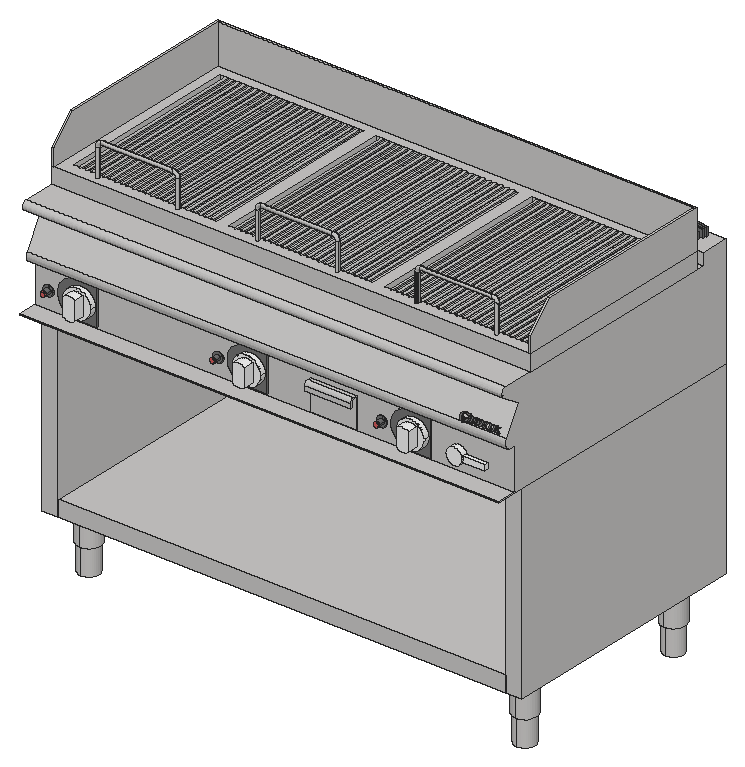
Revit family "QF_GIORIK_GL76GV", category Specialty Equipment, Revit 2014
Parameters (values of type "GL76GV")
  Weight in Pounds = 242.5082
  Waste Water Discharge Temperature [instance] = 0 °C
  URL Cutsheet = "www.giorik.com"
  URL = "www.giorik.com"
  Status [instance] = ""
  Specification by User [instance] = ""
  Specification by Manufacturer = ""
  Show Logo [instance] = yes
  Show Clearance [instance] = yes
  Serial Number = ""
  Seismic Rating = ""
  SMACNA No = ""
  Revision Code [instance] = ""
  Plumbing Remarks [instance] = ""
  Plumbing Connection Type [instance] = ""
  NAFEM Spec ID Number = ""
  Model = "GL76GV"
  Masterspec = ""
  Manufacturer = "GIORIK"
  Item Number [instance] = ""
  Installed By [instance] = ""
  Indirect Waste Size = 1 1/4"
  Indirect Waste Flow = 0.0 L/s
  Indirect Waste Connection Type [instance] = ""
  Indirect Waste Connection Height [instance] = 150 mm
  Identify Quantity as Lot [instance] = no
  Gas Size = 1"
  Gas RI Height [instance] = 0 mm
  Gas KW = 25.5
  Gas Input = 25500 W
  Gas Connection Height [instance] = 150 mm
  Furnished By [instance] = ""
  Foodservice Equipment Identifier [instance] = yes
  Description = "AQUA GRILL"
  Cold Water Temperature Recommended = 0 °C
  Cold Water Size = 1/2"
  Cold Water RI Height [instance] = 150 mm
  Cold Water Minimum Pressure = 20000.0 Pa
  Cold Water Maximum Pressure = 50000.0 Pa
  Cold Water Flow [instance] = 0.0 L/s
  Cold Water Consumption [instance] = ""
  Cold Water Connection Height [instance] = 150 mm
  CSI MasterFormat = ""
  Assembly Code = "E1090320"
Reference planes
  plane 1 "Back": y = 0
  plane 2: z = 0
  plane 3 "Left": x = 0
  plane 4 "Right": x = 1200
  plane 5 "Front": y = -720
  plane 6 "Top": z = 900
Forms (mm)
  Extrusion 1, solid, visible <- "Show Logo"
    sketch origin (986.604, -708.674, 717.684) x (-1, 0, 0) y (0, 0.515038, 0.857167)
      loop
        line (-118.824, 58.358) -> (-127.804, 58.358) -> (-125.523, 56.445) -> (-125.523, 48.027) -> (-127.804, 46.113) -> (-118.824, 46.113) -> (-121.105, 48.027) -> (-121.105, 56.445) -> (-118.824, 58.358)
      loop
        line (-163.721, 58.358) -> (-172.7, 58.358) -> (-170.42, 56.445) -> (-170.42, 48.027) -> (-172.7, 46.113) -> (-163.721, 46.113) -> (-166.001, 48.027) -> (-166.001, 56.445) -> (-163.721, 58.358)
      loop
        line (-174.332, 58.358) -> (-183.312, 58.358) -> (-181.031, 56.445) -> (-181.031, 52.435) -> (-186.419, 56.955) -> (-184.416, 58.358) -> (-191.268, 58.358) -> (-188.01, 56.839) -> (-185.455, 54.283) -> (-190.846, 47.858) -> (-193.396, 46.93) -> (-193.396, 46.113) -> (-184.416, 46.113) -> (-185.437, 47.571) -> (-182.443, 51.552) -> (-181.031, 50.894) -> (-181.031, 48.027) -> (-183.312, 46.113) -> (-174.332, 46.113) -> (-176.613, 48.027) -> (-176.613, 56.445) -> (-174.332, 58.358)
      loop
        line (-115.429, 62.063) -> (-115.429, 54.198)
        arc (-115.429, 54.198) -> (-111.618, 57.803) -> (-106.847, 59.986) r 16.039
        arc (-106.847, 59.986) -> (-103.314, 59.837) -> (-100.512, 57.68) r 5.851
        arc (-100.512, 57.68) -> (-98.815, 52.267) -> (-100.512, 46.853) r 9.479
        arc (-100.512, 46.853) -> (-102.406, 44.986) -> (-104.846, 43.93) r 7.236
        arc (-104.846, 43.93) -> (-107.728, 44.111) -> (-110.052, 45.825) r 5.11
        line (-110.052, 45.825) -> (-110.052, 52.001) -> (-116.141, 52.001) -> (-116.141, 45.503) -> (-117.893, 43.751) -> (-114.094, 44.769)
        arc (-114.094, 44.769) -> (-112.56, 44.947) -> (-111.129, 44.366) r 3.115
        arc (-111.129, 44.366) -> (-104.216, 42.091) -> (-97.303, 44.366) r 11.641
        arc (-97.303, 44.366) -> (-93.396, 52.107) -> (-97.303, 59.849) r 9.622
        arc (-97.303, 59.849) -> (-104.369, 62.174) -> (-111.435, 59.849) r 11.898
        line (-111.435, 59.849) -> (-115.429, 62.063)
      loop
        arc (-129.234, 56.068) -> (-135.893, 58.628) -> (-142.552, 56.068) r 9.941
        arc (-142.552, 56.068) -> (-144.234, 52.286) -> (-142.552, 48.505) r 5.093
        arc (-142.552, 48.505) -> (-135.893, 45.945) -> (-129.234, 48.505) r 9.941
        arc (-129.234, 48.505) -> (-127.552, 52.286) -> (-129.234, 56.068) r 5.093
      loop
        arc (-132.628, 54.403) -> (-135.893, 57.668) -> (-139.158, 54.403) r 3.265
        line (-139.158, 54.403) -> (-139.158, 50.169)
        arc (-139.158, 50.169) -> (-135.893, 46.904) -> (-132.628, 50.169) r 3.265
        line (-132.628, 50.169) -> (-132.628, 54.403)
      loop
        arc (-156.363, 58.365) -> (-159.647, 55.081) -> (-156.363, 51.796) r 3.285
        line (-156.363, 51.796) -> (-159.529, 47.306) -> (-162.087, 46.113) -> (-155.847, 46.113) -> (-153.529, 51.083) -> (-150.637, 51.083) -> (-150.637, 47.784) -> (-153.022, 46.113) -> (-144.011, 46.113) -> (-146.094, 47.68) -> (-146.094, 56.493) -> (-144.229, 58.365) -> (-156.363, 58.365)
      loop
        line (-150.637, 57.512) -> (-153.637, 57.512)
        arc (-153.637, 57.512) -> (-156.237, 54.912) -> (-153.637, 52.312) r 2.6
        line (-153.637, 52.312) -> (-150.637, 52.312) -> (-150.637, 57.512)
      loop
        line (-108.924, 52.001) -> (-104.936, 49.005) -> (-100.948, 52.001) -> (-108.924, 52.001)
    from 1.5 to -0.5
  Extrusion 2, solid
    sketch origin (-16, 1025.81, 0) x (1, 0, 0) y (0, 1, 0)
      loop
        line (25, -1086.81) -> (25, -1156.81) -> (115, -1156.81) -> (115, -1086.81) -> (25, -1086.81)
    from 148 to 150
  Extrusion 3, solid
    sketch origin (-4, 0, 130) x (1, 0, 0) y (0, 1, 0)
      loop
        circle (54, -385) r 12.5
    from 0 to 20
  Extrusion 4, solid
    sketch origin (0, 1000, -20) x (0, 1, 0) y (0, 0, 1)
      loop
        line (-1000, 919.988) -> (-1070, 919.988) -> (-1070, 889.988) -> (-1688.806, 889.988)
        arc (-1688.806, 889.988) -> (-1699.151, 883.075) -> (-1696.724, 870.873) r 11.197
        line (-1696.724, 870.873) -> (-1647.575, 836.458) -> (-1686.203, 772.171)
        arc (-1686.203, 772.171) -> (-1687.435, 755.768) -> (-1675, 745) r 18.302
        line (-1675, 745) -> (-1660, 745) -> (-1660, 640) -> (-1000, 640) -> (-1000, 919.988)
    from 0 to 1200
  Extrusion 5, solid
    sketch origin (-16, 560.81, 0) x (1, 0, 0) y (0, 1, 0)
      loop
        line (25, -1086.81) -> (25, -1156.81) -> (115, -1156.81) -> (115, -1086.81) -> (25, -1086.81)
    from 148 to 150
  Revolve 6, solid
    sketch origin (54, 560.81, 0) x (0, 1, 0) y (0, 0, 1)
      loop
        line (-1092.56, 66) -> (-1092.56, 148) -> (-1121.81, 148) -> (-1121.81, 0) -> (-1096.81, 0) -> (-1096.81, 66) -> (-1092.56, 66)
      axis (-1121.81, 0) -> (-1121.81, 148)
    angle from 0 to 360
  Revolve 7, solid
    sketch origin (54, 1025.81, 0) x (0, 1, 0) y (0, 0, 1)
      loop
        line (-1092.56, 66) -> (-1092.56, 148) -> (-1121.81, 148) -> (-1121.81, 0) -> (-1096.81, 0) -> (-1096.81, 66) -> (-1092.56, 66)
      axis (-1121.81, 0) -> (-1121.81, 148)
    angle from 0 to 360
  Extrusion 8, solid
    sketch origin (1216, 560.81, 0) x (-1, 0, 0) y (0, -1, 0)
      loop
        line (25, 1086.81) -> (115, 1086.81) -> (115, 1156.81) -> (25, 1156.81) -> (25, 1086.81)
    from 148 to 150
  Revolve 9, solid
    sketch origin (1146, 560.81, 0) x (0, 1, 0) y (0, 0, -1)
      loop
        line (-1092.56, -66) -> (-1096.81, -66) -> (-1096.81, 0) -> (-1121.81, 0) -> (-1121.81, -148) -> (-1092.56, -148) -> (-1092.56, -66)
      axis (-1121.81, 0) -> (-1121.81, -148)
    angle from 0 to 360
  Extrusion 10, solid
    sketch origin (1216, -1217.81, 0) x (-1, 0, 0) y (0, -1, 0)
      loop
        line (25, -1086.81) -> (25, -1156.81) -> (115, -1156.81) -> (115, -1086.81) -> (25, -1086.81)
    from 148 to 150
  Revolve 11, solid
    sketch origin (1146, -1217.81, 0) x (0, -1, 0) y (0, 0, 1)
      loop
        line (-1092.56, 66) -> (-1092.56, 148) -> (-1121.81, 148) -> (-1121.81, 0) -> (-1096.81, 0) -> (-1096.81, 66) -> (-1092.56, 66)
      axis (-1121.81, 0) -> (-1121.81, 148)
    angle from 0 to 360
  Extrusion 12, solid
    sketch origin (-308.221, -612, -51.25) x (1, 0, 0) y (0, 0, 1)
      loop
        line (463.221, 676.25) -> (463.221, 766.25) -> (409.698, 766.25)
        arc (409.698, 766.25) -> (364.698, 721.25) -> (409.698, 676.25) r 45
        line (409.698, 676.25) -> (463.221, 676.25)
    from 48 to 50
  Extrusion 13, solid
    sketch origin (466.331, -660.641, -51.634) x (-1, 0, 0) y (0, -0.000888, -1)
      loop
        circle (351.331, -721.346) r 35
    from 0 to 15
  Extrusion 14, solid
    sketch origin (466.331, -660.641, -51.634) x (-1, 0, 0) y (0, -0.000888, -1)
      loop
        arc (336.331, -743.846) -> (351.331, -748.846) -> (366.331, -743.846) r 25
        line (366.331, -743.846) -> (366.331, -698.846)
        arc (366.331, -698.846) -> (351.331, -693.846) -> (336.331, -698.846) r 25
        line (336.331, -698.846) -> (336.331, -743.846)
    from 15 to 40
  Extrusion 15, solid
    sketch origin (-94, 0, -10.001) x (1, 0, 0) y (0, 0, 1)
      loop
        line (135, 909.989) -> (453, 909.989) -> (453, 925.527) -> (347.056, 931.749) -> (240.944, 931.749) -> (135, 925.527) -> (135, 909.989)
    from 32 to 35
  Extrusion 16, solid
    sketch origin (-92, 10, -10.001) x (1, 0, 0) y (0, 0, 1)
      loop
        line (454, 909.989) -> (454, 928.527) -> (346.162, 939.193) -> (237.838, 939.193) -> (130, 928.527) -> (130, 909.989) -> (454, 909.989)
    from 32 to 35
  Extrusion 17, solid
    sketch origin (-90, 20, -10.001) x (1, 0, 0) y (0, 0, 1)
      loop
        line (455, 909.989) -> (455, 930.527) -> (345.396, 947.413) -> (234.604, 947.413) -> (125, 930.527) -> (125, 909.989) -> (455, 909.989)
    from 32 to 35
  Extrusion 18, solid
    sketch origin (0, 0, 0) x (0, 1, 0) y (0, 0, 1)
      loop
        line (-90, 909.988) -> (-90, 1009.988) -> (-551.877, 1009.988) -> (-610, 951.864) -> (-610, 909.988) -> (-90, 909.988)
    from 0 to 5
  Extrusion 19, solid
    sketch origin (0, -90, 0) x (1, 0, 0) y (0, 0, 1)
      loop
        line (5, 1009.988) -> (5, 909.988) -> (1195, 909.988) -> (1195, 1009.988) -> (5, 1009.988)
    from 0 to 5
  Sweep 20, solid
    path origin (32.128, -587.463, 1856.207) x (0, 0, 1) y (-1, 0, 0)
      loop
        line (-946.207, -65.372) -> (-876.207, -65.372)
        arc (-876.207, -65.372) -> (-869.136, -68.301) -> (-866.207, -75.372) r 10
        line (-866.207, -75.372) -> (-866.207, -255.372)
        arc (-866.207, -255.372) -> (-869.136, -262.443) -> (-876.207, -265.372) r 10
        line (-876.207, -265.372) -> (-946.207, -265.372)
    profile origin (97.5, -587.463, 945) x (-1, 0, 0) y (0, -1, 0)
      loop
        circle (0, 0) r 4
  Extrusion 21, solid
    sketch origin (1411.331, -660, -61.247) x (-1, 0, 0) y (0, 0, -1)
      loop
        circle (351.331, -721.221) r 20
    from 0 to 15
  Extrusion 22, solid
    sketch origin (780, -664, -62.044) x (1, 0, 0) y (0, 0, 1)
      loop
        line (275.18, 729.518) -> (275.18, 714.518) -> (355.18, 714.518) -> (355.18, 729.518) -> (275.18, 729.518)
    from 0 to 10
  Extrusion 23, solid
    sketch origin (552.347, -700, 59.9) x (0, 1, 0) y (0, 0, 1)
      loop
        line (40, 640.1) -> (30, 640.1)
        arc (30, 640.1) -> (22.929, 637.171) -> (20, 630.1) r 10
        line (20, 630.1) -> (20, 620.1) -> (22, 620.1) -> (22, 630.1)
        arc (22, 630.1) -> (24.343, 635.757) -> (30, 638.1) r 8
        line (30, 638.1) -> (38, 638.1) -> (38, 565.1) -> (40, 565.1) -> (40, 640.1)
    from 137.5 to 252.5
  Extrusion 24, solid
    sketch origin (422, 0, 100) x (0, 1, 0) y (-1, 0, 0)
      loop
        circle (-185, -308) r 16
    from 30 to 50
  Extrusion 25, solid
    sketch origin (831.75, -293, 100) x (0, 1, 0) y (-1, 0, 0)
      loop
        circle (-185, -308) r 6.5
    from 30 to 50
  Extrusion 26, solid
    sketch origin (0, 0, 900) x (0, 1, 0) y (-1, 0, 0)
      loop
        line (-90, 0) -> (-610, 0) -> (-610, -1200) -> (-90, -1200) -> (-90, 0)
      loop
        line (-120, -30) -> (-580, -30) -> (-580, -390) -> (-120, -390) -> (-120, -30)
      loop
        line (-120, -420) -> (-580, -420) -> (-580, -780) -> (-120, -780) -> (-120, -420)
      loop
        line (-120, -810) -> (-580, -810) -> (-580, -1170) -> (-120, -1170) -> (-120, -810)
    from -30.012 to 9.988
  Extrusion 27, solid
    sketch origin (-5, 0, 0) x (1, 0, 0) y (0, 0, 1)
      loop
        circle (50, 906.988) r 3
    from 120 to 580
  Extrusion 28, solid
    sketch origin (10, 0, 0) x (1, 0, 0) y (0, 0, 1)
      loop
        circle (50, 906.988) r 3
    from 120 to 580
  Extrusion 29, solid
    sketch origin (25, 0, 0) x (1, 0, 0) y (0, 0, 1)
      loop
        circle (50, 906.988) r 3
    from 120 to 580
  Extrusion 30, solid
    sketch origin (40, 0, 0) x (1, 0, 0) y (0, 0, 1)
      loop
        circle (50, 906.988) r 3
    from 120 to 580
  Extrusion 31, solid
    sketch origin (55, 0, 0) x (1, 0, 0) y (0, 0, 1)
      loop
        circle (50, 906.988) r 3
    from 120 to 580
  Extrusion 32, solid
    sketch origin (70, 0, 0) x (1, 0, 0) y (0, 0, 1)
      loop
        circle (50, 906.988) r 3
    from 120 to 580
  Extrusion 33, solid
    sketch origin (85, 0, 0) x (1, 0, 0) y (0, 0, 1)
      loop
        circle (50, 906.988) r 3
    from 120 to 580
  Extrusion 34, solid
    sketch origin (100, 0, 0) x (1, 0, 0) y (0, 0, 1)
      loop
        circle (50, 906.988) r 3
    from 120 to 580
  Extrusion 35, solid
    sketch origin (115, 0, 0) x (1, 0, 0) y (0, 0, 1)
      loop
        circle (50, 906.988) r 3
    from 120 to 580
  Extrusion 36, solid
    sketch origin (130, 0, 0) x (1, 0, 0) y (0, 0, 1)
      loop
        circle (50, 906.988) r 3
    from 120 to 580
  Extrusion 37, solid
    sketch origin (145, 0, 0) x (1, 0, 0) y (0, 0, 1)
      loop
        circle (50, 906.988) r 3
    from 120 to 580
  Extrusion 38, solid
    sketch origin (160, 0, 0) x (1, 0, 0) y (0, 0, 1)
      loop
        circle (50, 906.988) r 3
    from 120 to 580
  Extrusion 39, solid
    sketch origin (175, 0, 0) x (1, 0, 0) y (0, 0, 1)
      loop
        circle (50, 906.988) r 3
    from 120 to 580
  Extrusion 40, solid
    sketch origin (190, 0, 0) x (1, 0, 0) y (0, 0, 1)
      loop
        circle (50, 906.988) r 3
    from 120 to 580
  Extrusion 41, solid
    sketch origin (205, 0, 0) x (1, 0, 0) y (0, 0, 1)
      loop
        circle (50, 906.988) r 3
    from 120 to 580
  Extrusion 42, solid
    sketch origin (220, 0, 0) x (1, 0, 0) y (0, 0, 1)
      loop
        circle (50, 906.988) r 3
    from 120 to 580
  Extrusion 43, solid
    sketch origin (235, 0, 0) x (1, 0, 0) y (0, 0, 1)
      loop
        circle (50, 906.988) r 3
    from 120 to 580
  Extrusion 44, solid
    sketch origin (250, 0, 0) x (1, 0, 0) y (0, 0, 1)
      loop
        circle (50, 906.988) r 3
    from 120 to 580
  Extrusion 45, solid
    sketch origin (265, 0, 0) x (1, 0, 0) y (0, 0, 1)
      loop
        circle (50, 906.988) r 3
    from 120 to 580
  Extrusion 46, solid
    sketch origin (280, 0, 0) x (1, 0, 0) y (0, 0, 1)
      loop
        circle (50, 906.988) r 3
    from 120 to 580
  Extrusion 47, solid
    sketch origin (295, 0, 0) x (1, 0, 0) y (0, 0, 1)
      loop
        circle (50, 906.988) r 3
    from 120 to 580
  Extrusion 48, solid
    sketch origin (0, -660, 0) x (1, 0, 0) y (0, 0, 1)
      loop
        line (0, 620) -> (1200, 620) -> (1200, 622) -> (0, 622) -> (0, 620)
    from 0 to 50
  Extrusion 49, solid
    sketch origin (-6.142, -635.246, -47.152) x (1, 0, 0) y (0, 0.000339, 1)
      loop
        circle (38.702, 711.666) r 12.5
    from 25 to 27
  Extrusion 50, solid
    sketch origin (-732.35, -662.248, -53.566) x (1, 0, 0) y (0, 0.000339, 1)
      loop
        circle (764.91, 718.089) r 6
    from 0 to 15
  Extrusion 51, solid
    sketch origin (-732.35, -663.41, -53.565) x (1, 0, 0) y (0, 0.000339, 1)
      loop
        circle (764.91, 718.089) r 6
    from 13.838 to 15.838
  Extrusion 52, solid
    sketch origin (1195, 0, 0) x (0, 1, 0) y (0, 0, 1)
      loop
        line (-90, 909.988) -> (-90, 1009.988) -> (-551.877, 1009.988) -> (-610, 951.864) -> (-610, 909.988) -> (-90, 909.988)
    from 0 to 5
  Extrusion 53, solid
    sketch origin (306, 0, -10.001) x (1, 0, 0) y (0, 0, 1)
      loop
        line (135, 909.989) -> (453, 909.989) -> (453, 925.527) -> (347.056, 931.749) -> (240.944, 931.749) -> (135, 925.527) -> (135, 909.989)
    from 32 to 35
  Extrusion 54, solid
    sketch origin (308, 10, -10.001) x (1, 0, 0) y (0, 0, 1)
      loop
        line (454, 909.989) -> (454, 928.527) -> (346.162, 939.193) -> (237.838, 939.193) -> (130, 928.527) -> (130, 909.989) -> (454, 909.989)
    from 32 to 35
  Extrusion 55, solid
    sketch origin (310, 20, -10.001) x (1, 0, 0) y (0, 0, 1)
      loop
        line (455, 909.989) -> (455, 930.527) -> (345.396, 947.413) -> (234.604, 947.413) -> (125, 930.527) -> (125, 909.989) -> (455, 909.989)
    from 32 to 35
  Sweep 56, solid
    path origin (432.128, -587.463, 1856.207) x (0, 0, 1) y (-1, 0, 0)
      loop
        line (-946.207, -65.372) -> (-876.207, -65.372)
        arc (-876.207, -65.372) -> (-869.136, -68.301) -> (-866.207, -75.372) r 10
        line (-866.207, -75.372) -> (-866.207, -255.372)
        arc (-866.207, -255.372) -> (-869.136, -262.443) -> (-876.207, -265.372) r 10
        line (-876.207, -265.372) -> (-946.207, -265.372)
    profile origin (497.5, -587.463, 945) x (-1, 0, 0) y (0, -1, 0)
      loop
        circle (0, 0) r 4
  Extrusion 57, solid
    sketch origin (310, 0, 0) x (1, 0, 0) y (0, 0, 1)
      loop
        circle (50, 906.988) r 3
    from 120 to 580
  Extrusion 58, solid
    sketch origin (306, 0, -10.001) x (1, 0, 0) y (0, 0, 1)
      loop
        line (135, 909.989) -> (453, 909.989) -> (453, 925.527) -> (347.056, 931.749) -> (240.944, 931.749) -> (135, 925.527) -> (135, 909.989)
    from 32 to 35
  Extrusion 59, solid
    sketch origin (308, 10, -10.001) x (1, 0, 0) y (0, 0, 1)
      loop
        line (454, 909.989) -> (454, 928.527) -> (346.162, 939.193) -> (237.838, 939.193) -> (130, 928.527) -> (130, 909.989) -> (454, 909.989)
    from 32 to 35
  Extrusion 60, solid
    sketch origin (310, 20, -10.001) x (1, 0, 0) y (0, 0, 1)
      loop
        line (455, 909.989) -> (455, 930.527) -> (345.396, 947.413) -> (234.604, 947.413) -> (125, 930.527) -> (125, 909.989) -> (455, 909.989)
    from 32 to 35
  Extrusion 61, solid
    sketch origin (116.779, -612, -51.25) x (1, 0, 0) y (0, 0, 1)
      loop
        line (463.221, 676.25) -> (463.221, 766.25) -> (409.698, 766.25)
        arc (409.698, 766.25) -> (364.698, 721.25) -> (409.698, 676.25) r 45
        line (409.698, 676.25) -> (463.221, 676.25)
    from 48 to 50
  Extrusion 62, solid
    sketch origin (891.331, -660.641, -51.634) x (-1, 0, 0) y (0, -0.000888, -1)
      loop
        circle (351.331, -721.346) r 35
    from 0 to 15
  Extrusion 63, solid
    sketch origin (891.331, -660.641, -51.634) x (-1, 0, 0) y (0, -0.000888, -1)
      loop
        arc (336.331, -743.846) -> (351.331, -748.846) -> (366.331, -743.846) r 25
        line (366.331, -743.846) -> (366.331, -698.846)
        arc (366.331, -698.846) -> (351.331, -693.846) -> (336.331, -698.846) r 25
        line (336.331, -698.846) -> (336.331, -743.846)
    from 15 to 40
  Extrusion 64, solid
    sketch origin (418.858, -635.246, -47.152) x (1, 0, 0) y (0, 0.000339, 1)
      loop
        circle (38.702, 711.666) r 12.5
    from 25 to 27
  Extrusion 65, solid
    sketch origin (-307.35, -662.248, -53.566) x (1, 0, 0) y (0, 0.000339, 1)
      loop
        circle (764.91, 718.089) r 6
    from 0 to 15
  Extrusion 66, solid
    sketch origin (-307.35, -663.41, -53.565) x (1, 0, 0) y (0, 0.000339, 1)
      loop
        circle (764.91, 718.089) r 6
    from 13.838 to 15.838
  Extrusion 67, solid
    sketch origin (526.779, -612, -51.25) x (1, 0, 0) y (0, 0, 1)
      loop
        line (463.221, 676.25) -> (463.221, 766.25) -> (409.698, 766.25)
        arc (409.698, 766.25) -> (364.698, 721.25) -> (409.698, 676.25) r 45
        line (409.698, 676.25) -> (463.221, 676.25)
    from 48 to 50
  Extrusion 68, solid
    sketch origin (1301.331, -660.641, -51.634) x (-1, 0, 0) y (0, -0.000888, -1)
      loop
        circle (351.331, -721.346) r 35
    from 0 to 15
  Extrusion 69, solid
    sketch origin (1301.331, -660.641, -51.634) x (-1, 0, 0) y (0, -0.000888, -1)
      loop
        arc (336.331, -743.846) -> (351.331, -748.846) -> (366.331, -743.846) r 25
        line (366.331, -743.846) -> (366.331, -698.846)
        arc (366.331, -698.846) -> (351.331, -693.846) -> (336.331, -698.846) r 25
        line (336.331, -698.846) -> (336.331, -743.846)
    from 15 to 40
  Extrusion 70, solid
    sketch origin (828.858, -635.246, -47.152) x (1, 0, 0) y (0, 0.000339, 1)
      loop
        circle (38.702, 711.666) r 12.5
    from 25 to 27
  Extrusion 71, solid
    sketch origin (102.65, -662.248, -53.566) x (1, 0, 0) y (0, 0.000339, 1)
      loop
        circle (764.91, 718.089) r 6
    from 0 to 15
  Extrusion 72, solid
    sketch origin (102.65, -663.41, -53.565) x (1, 0, 0) y (0, 0.000339, 1)
      loop
        circle (764.91, 718.089) r 6
    from 13.838 to 15.838
  Extrusion 73, solid
    sketch origin (706, 0, -10.001) x (1, 0, 0) y (0, 0, 1)
      loop
        line (135, 909.989) -> (453, 909.989) -> (453, 925.527) -> (347.056, 931.749) -> (240.944, 931.749) -> (135, 925.527) -> (135, 909.989)
    from 32 to 35
  Extrusion 74, solid
    sketch origin (708, 10, -10.001) x (1, 0, 0) y (0, 0, 1)
      loop
        line (454, 909.989) -> (454, 928.527) -> (346.162, 939.193) -> (237.838, 939.193) -> (130, 928.527) -> (130, 909.989) -> (454, 909.989)
    from 32 to 35
  Extrusion 75, solid
    sketch origin (710, 20, -10.001) x (1, 0, 0) y (0, 0, 1)
      loop
        line (455, 909.989) -> (455, 930.527) -> (345.396, 947.413) -> (234.604, 947.413) -> (125, 930.527) -> (125, 909.989) -> (455, 909.989)
    from 32 to 35
  Sweep 76, solid
    path origin (832.128, -587.463, 1856.207) x (0, 0, 1) y (-1, 0, 0)
      loop
        line (-946.207, -65.372) -> (-876.207, -65.372)
        arc (-876.207, -65.372) -> (-869.136, -68.301) -> (-866.207, -75.372) r 10
        line (-866.207, -75.372) -> (-866.207, -255.372)
        arc (-866.207, -255.372) -> (-869.136, -262.443) -> (-876.207, -265.372) r 10
        line (-876.207, -265.372) -> (-946.207, -265.372)
    profile origin (897.5, -587.463, 945) x (-1, 0, 0) y (0, -1, 0)
      loop
        circle (0, 0) r 4
  Extrusion 77, solid
    sketch origin (706, 0, -10.001) x (1, 0, 0) y (0, 0, 1)
      loop
        line (135, 909.989) -> (453, 909.989) -> (453, 925.527) -> (347.056, 931.749) -> (240.944, 931.749) -> (135, 925.527) -> (135, 909.989)
    from 32 to 35
  Extrusion 78, solid
    sketch origin (708, 10, -10.001) x (1, 0, 0) y (0, 0, 1)
      loop
        line (454, 909.989) -> (454, 928.527) -> (346.162, 939.193) -> (237.838, 939.193) -> (130, 928.527) -> (130, 909.989) -> (454, 909.989)
    from 32 to 35
  Extrusion 79, solid
    sketch origin (710, 20, -10.001) x (1, 0, 0) y (0, 0, 1)
      loop
        line (455, 909.989) -> (455, 930.527) -> (345.396, 947.413) -> (234.604, 947.413) -> (125, 930.527) -> (125, 909.989) -> (455, 909.989)
    from 32 to 35
  Extrusion 80, solid
    sketch origin (706, 0, -10.001) x (1, 0, 0) y (0, 0, 1)
      loop
        line (135, 909.989) -> (453, 909.989) -> (453, 925.527) -> (347.056, 931.749) -> (240.944, 931.749) -> (135, 925.527) -> (135, 909.989)
    from 32 to 35
  Extrusion 81, solid
    sketch origin (708, 10, -10.001) x (1, 0, 0) y (0, 0, 1)
      loop
        line (454, 909.989) -> (454, 928.527) -> (346.162, 939.193) -> (237.838, 939.193) -> (130, 928.527) -> (130, 909.989) -> (454, 909.989)
    from 32 to 35
  Extrusion 82, solid
    sketch origin (710, 20, -10.001) x (1, 0, 0) y (0, 0, 1)
      loop
        line (455, 909.989) -> (455, 930.527) -> (345.396, 947.413) -> (234.604, 947.413) -> (125, 930.527) -> (125, 909.989) -> (455, 909.989)
    from 32 to 35
  Extrusion 83, solid
    sketch origin (706, 0, -10.001) x (1, 0, 0) y (0, 0, 1)
      loop
        line (135, 909.989) -> (453, 909.989) -> (453, 925.527) -> (347.056, 931.749) -> (240.944, 931.749) -> (135, 925.527) -> (135, 909.989)
    from 32 to 35
  Extrusion 84, solid
    sketch origin (708, 10, -10.001) x (1, 0, 0) y (0, 0, 1)
      loop
        line (454, 909.989) -> (454, 928.527) -> (346.162, 939.193) -> (237.838, 939.193) -> (130, 928.527) -> (130, 909.989) -> (454, 909.989)
    from 32 to 35
  Extrusion 85, solid
    sketch origin (710, 20, -10.001) x (1, 0, 0) y (0, 0, 1)
      loop
        line (455, 909.989) -> (455, 930.527) -> (345.396, 947.413) -> (234.604, 947.413) -> (125, 930.527) -> (125, 909.989) -> (455, 909.989)
    from 32 to 35
  Extrusion 86, solid
    sketch origin (325, 0, 0) x (1, 0, 0) y (0, 0, 1)
      loop
        circle (50, 906.988) r 3
    from 120 to 580
  Extrusion 87, solid
    sketch origin (385, 0, 0) x (1, 0, 0) y (0, 0, 1)
      loop
        circle (50, 906.988) r 3
    from 120 to 580
  Extrusion 88, solid
    sketch origin (400, 0, 0) x (1, 0, 0) y (0, 0, 1)
      loop
        circle (50, 906.988) r 3
    from 120 to 580
  Extrusion 89, solid
    sketch origin (415, 0, 0) x (1, 0, 0) y (0, 0, 1)
      loop
        circle (50, 906.988) r 3
    from 120 to 580
  Extrusion 90, solid
    sketch origin (430, 0, 0) x (1, 0, 0) y (0, 0, 1)
      loop
        circle (50, 906.988) r 3
    from 120 to 580
  Extrusion 91, solid
    sketch origin (445, 0, 0) x (1, 0, 0) y (0, 0, 1)
      loop
        circle (50, 906.988) r 3
    from 120 to 580
  Extrusion 92, solid
    sketch origin (460, 0, 0) x (1, 0, 0) y (0, 0, 1)
      loop
        circle (50, 906.988) r 3
    from 120 to 580
  Extrusion 93, solid
    sketch origin (475, 0, 0) x (1, 0, 0) y (0, 0, 1)
      loop
        circle (50, 906.988) r 3
    from 120 to 580
  Extrusion 94, solid
    sketch origin (490, 0, 0) x (1, 0, 0) y (0, 0, 1)
      loop
        circle (50, 906.988) r 3
    from 120 to 580
  Extrusion 95, solid
    sketch origin (505, 0, 0) x (1, 0, 0) y (0, 0, 1)
      loop
        circle (50, 906.988) r 3
    from 120 to 580
  Extrusion 96, solid
    sketch origin (520, 0, 0) x (1, 0, 0) y (0, 0, 1)
      loop
        circle (50, 906.988) r 3
    from 120 to 580
  Extrusion 97, solid
    sketch origin (535, 0, 0) x (1, 0, 0) y (0, 0, 1)
      loop
        circle (50, 906.988) r 3
    from 120 to 580
  Extrusion 98, solid
    sketch origin (550, 0, 0) x (1, 0, 0) y (0, 0, 1)
      loop
        circle (50, 906.988) r 3
    from 120 to 580
  Extrusion 99, solid
    sketch origin (565, 0, 0) x (1, 0, 0) y (0, 0, 1)
      loop
        circle (50, 906.988) r 3
    from 120 to 580
  Extrusion 100, solid
    sketch origin (580, 0, 0) x (1, 0, 0) y (0, 0, 1)
      loop
        circle (50, 906.988) r 3
    from 120 to 580
  Extrusion 101, solid
    sketch origin (595, 0, 0) x (1, 0, 0) y (0, 0, 1)
      loop
        circle (50, 906.988) r 3
    from 120 to 580
  Extrusion 102, solid
    sketch origin (610, 0, 0) x (1, 0, 0) y (0, 0, 1)
      loop
        circle (50, 906.988) r 3
    from 120 to 580
  Extrusion 103, solid
    sketch origin (625, 0, 0) x (1, 0, 0) y (0, 0, 1)
      loop
        circle (50, 906.988) r 3
    from 120 to 580
  Extrusion 104, solid
    sketch origin (640, 0, 0) x (1, 0, 0) y (0, 0, 1)
      loop
        circle (50, 906.988) r 3
    from 120 to 580
  Extrusion 105, solid
    sketch origin (655, 0, 0) x (1, 0, 0) y (0, 0, 1)
      loop
        circle (50, 906.988) r 3
    from 120 to 580
  Extrusion 106, solid
    sketch origin (670, 0, 0) x (1, 0, 0) y (0, 0, 1)
      loop
        circle (50, 906.988) r 3
    from 120 to 580
  Extrusion 107, solid
    sketch origin (685, 0, 0) x (1, 0, 0) y (0, 0, 1)
      loop
        circle (50, 906.988) r 3
    from 120 to 580
  Extrusion 108, solid
    sketch origin (700, 0, 0) x (1, 0, 0) y (0, 0, 1)
      loop
        circle (50, 906.988) r 3
    from 120 to 580
  Extrusion 109, solid
    sketch origin (715, 0, 0) x (1, 0, 0) y (0, 0, 1)
      loop
        circle (50, 906.988) r 3
    from 120 to 580
  Extrusion 110, solid
    sketch origin (775, 0, 0) x (1, 0, 0) y (0, 0, 1)
      loop
        circle (50, 906.988) r 3
    from 120 to 580
  Extrusion 111, solid
    sketch origin (790, 0, 0) x (1, 0, 0) y (0, 0, 1)
      loop
        circle (50, 906.988) r 3
    from 120 to 580
  Extrusion 112, solid
    sketch origin (805, 0, 0) x (1, 0, 0) y (0, 0, 1)
      loop
        circle (50, 906.988) r 3
    from 120 to 580
  Extrusion 113, solid
    sketch origin (820, 0, 0) x (1, 0, 0) y (0, 0, 1)
      loop
        circle (50, 906.988) r 3
    from 120 to 580
  Extrusion 114, solid
    sketch origin (835, 0, 0) x (1, 0, 0) y (0, 0, 1)
      loop
        circle (50, 906.988) r 3
    from 120 to 580
  Extrusion 115, solid
    sketch origin (850, 0, 0) x (1, 0, 0) y (0, 0, 1)
      loop
        circle (50, 906.988) r 3
    from 120 to 580
  Extrusion 116, solid
    sketch origin (865, 0, 0) x (1, 0, 0) y (0, 0, 1)
      loop
        circle (50, 906.988) r 3
    from 120 to 580
  Extrusion 117, solid
    sketch origin (880, 0, 0) x (1, 0, 0) y (0, 0, 1)
      loop
        circle (50, 906.988) r 3
    from 120 to 580
  Extrusion 118, solid
    sketch origin (895, 0, 0) x (1, 0, 0) y (0, 0, 1)
      loop
        circle (50, 906.988) r 3
    from 120 to 580
  Extrusion 119, solid
    sketch origin (910, 0, 0) x (1, 0, 0) y (0, 0, 1)
      loop
        circle (50, 906.988) r 3
    from 120 to 580
  Extrusion 120, solid
    sketch origin (925, 0, 0) x (1, 0, 0) y (0, 0, 1)
      loop
        circle (50, 906.988) r 3
    from 120 to 580
  Extrusion 121, solid
    sketch origin (940, 0, 0) x (1, 0, 0) y (0, 0, 1)
      loop
        circle (50, 906.988) r 3
    from 120 to 580
  Extrusion 122, solid
    sketch origin (955, 0, 0) x (1, 0, 0) y (0, 0, 1)
      loop
        circle (50, 906.988) r 3
    from 120 to 580
  Extrusion 123, solid
    sketch origin (970, 0, 0) x (1, 0, 0) y (0, 0, 1)
      loop
        circle (50, 906.988) r 3
    from 120 to 580
  Extrusion 124, solid
    sketch origin (985, 0, 0) x (1, 0, 0) y (0, 0, 1)
      loop
        circle (50, 906.988) r 3
    from 120 to 580
  Extrusion 125, solid
    sketch origin (1000, 0, 0) x (1, 0, 0) y (0, 0, 1)
      loop
        circle (50, 906.988) r 3
    from 120 to 580
  Extrusion 126, solid
    sketch origin (1015, 0, 0) x (1, 0, 0) y (0, 0, 1)
      loop
        circle (50, 906.988) r 3
    from 120 to 580
  Extrusion 127, solid
    sketch origin (1030, 0, 0) x (1, 0, 0) y (0, 0, 1)
      loop
        circle (50, 906.988) r 3
    from 120 to 580
  Extrusion 128, solid
    sketch origin (1045, 0, 0) x (1, 0, 0) y (0, 0, 1)
      loop
        circle (50, 906.988) r 3
    from 120 to 580
  Extrusion 129, solid
    sketch origin (1060, 0, 0) x (1, 0, 0) y (0, 0, 1)
      loop
        circle (50, 906.988) r 3
    from 120 to 580
  Extrusion 130, solid
    sketch origin (1075, 0, 0) x (1, 0, 0) y (0, 0, 1)
      loop
        circle (50, 906.988) r 3
    from 120 to 580
  Extrusion 131, solid
    sketch origin (1090, 0, 0) x (1, 0, 0) y (0, 0, 1)
      loop
        circle (50, 906.988) r 3
    from 120 to 580
  Extrusion 132, solid
    sketch origin (1105, 0, 0) x (1, 0, 0) y (0, 0, 1)
      loop
        circle (50, 906.988) r 3
    from 120 to 580
  Sweep 133, solid
    path origin (832.128, -587.463, 1856.207) x (0, 0, 1) y (-1, 0, 0)
      loop
        line (-946.207, -65.372) -> (-876.207, -65.372)
        arc (-876.207, -65.372) -> (-869.136, -68.301) -> (-866.207, -75.372) r 10
        line (-866.207, -75.372) -> (-866.207, -255.372)
        arc (-866.207, -255.372) -> (-869.136, -262.443) -> (-876.207, -265.372) r 10
        line (-876.207, -265.372) -> (-946.207, -265.372)
    profile origin (897.5, -587.463, 945) x (-1, 0, 0) y (0, -1, 0)
      loop
        circle (0, 0) r 4
  Extrusion 134, solid
    sketch origin (0, 0, 599.384) x (1, 0, 0) y (0, 1, 0)
      loop
        line (0, -640) -> (40, -640) -> (40, -40) -> (1160, -40) -> (1160, -640) -> (1200, -640) -> (1200, 0) -> (0, 0) -> (0, -640)
    from -449.536 to 20.464
  Extrusion 135, solid
    sketch origin (0, 0, -0.152) x (1, 0, 0) y (0, 1, 0)
      loop
        line (40, -40) -> (40, -640) -> (1160, -640) -> (1160, -40) -> (40, -40)
    from 150 to 190
Lines and regions (mm)
  symbolic lines, style "200-EquipBorder-2D"
    curve 1: line (0, -720, 0) -> (1200, -720, 0)
    curve 2: line (1200, -720, 0) -> (1200, 0, 0)
    curve 3: line (1200, 0, 0) -> (0, 0, 0)
    curve 4: line (0, 0, 0) -> (0, -720, 0)
  symbolic lines, style "200-EquipInternal-2D"
    curve 5: line (0, -70, 900) -> (1200, -70, 900)
    curve 6: line (35, -12, 900) -> (365, -12, 900)
    curve 7: line (365, -12, 900) -> (365, -15, 900)
    curve 8: line (365, -15, 900) -> (35, -15, 900)
    curve 9: line (35, -15, 900) -> (35, -12, 900)
    curve 10: line (38, -22, 900) -> (362, -22, 900)
    curve 11: line (362, -22, 900) -> (362, -25, 900)
    curve 12: line (362, -25, 900) -> (38, -25, 900)
    curve 13: line (38, -25, 900) -> (38, -22, 900)
    curve 14: line (41, -32, 900) -> (359, -32, 900)
    curve 15: line (359, -32, 900) -> (359, -35, 900)
    curve 16: line (359, -35, 900) -> (41, -35, 900)
    curve 17: line (41, -35, 900) -> (41, -32, 900)
    curve 18: line (5, -95, 900) -> (1195, -95, 900)
    curve 19: line (0, -90, 900) -> (1200, -90, 900)
    curve 20: line (1200, -90, 900) -> (1200, -610, 900)
    curve 21: line (1195, -610, 900) -> (1195, -95, 900)
    curve 22: line (5, -95, 900) -> (5, -610, 900)
    curve 23: line (0, -610, 900) -> (0, -90, 900)
    curve 24: line (0, -610, 900) -> (1200, -610, 900)
    curve 25: line (30, -580, 900) -> (30, -120, 900)
    curve 26: line (390, -120, 900) -> (390, -580, 900)
    curve 27: line (132, -120, 900) -> (132, -580, 900)
    curve 28: line (42, -580, 900) -> (42, -120, 900)
    curve 29: line (48, -580, 900) -> (48, -120, 900)
    curve 30: line (57, -120, 900) -> (57, -580, 900)
    curve 31: line (57, -580, 900) -> (48, -580, 900)
    curve 32: line (42, -580, 900) -> (30, -580, 900)
    curve 33: line (30, -120, 900) -> (42, -120, 900)
    curve 34: line (48, -120, 900) -> (57, -120, 900)
    curve 35: line (63, -120, 900) -> (63, -580, 900)
    curve 36: line (63, -580, 900) -> (72, -580, 900)
    curve 37: line (72, -580, 900) -> (72, -120, 900)
    curve 38: line (72, -120, 900) -> (63, -120, 900)
    curve 39: line (78, -120, 900) -> (87, -120, 900)
    curve 40: line (87, -120, 900) -> (87, -580, 900)
    curve 41: line (87, -580, 900) -> (78, -580, 900)
    curve 42: line (78, -580, 900) -> (78, -120, 900)
    curve 43: line (93, -120, 900) -> (93, -580, 900)
    curve 44: line (93, -580, 900) -> (102, -580, 900)
    curve 45: line (102, -580, 900) -> (102, -120, 900)
    curve 46: line (102, -120, 900) -> (93, -120, 900)
    curve 47: line (108, -120, 900) -> (117, -120, 900)
    curve 48: line (117, -120, 900) -> (117, -580, 900)
    curve 49: line (117, -580, 900) -> (108, -580, 900)
    curve 50: line (108, -580, 900) -> (108, -120, 900)
    curve 51: line (132, -120, 900) -> (123, -120, 900)
    curve 52: line (123, -120, 900) -> (123, -580, 900)
    curve 53: line (123, -580, 900) -> (132, -580, 900)
    curve 54: line (138, -580, 900) -> (138, -120, 900)
    curve 55: line (138, -120, 900) -> (147, -120, 900)
    curve 56: line (147, -120, 900) -> (147, -580, 900)
    curve 57: line (147, -580, 900) -> (138, -580, 900)
    curve 58: line (153, -580, 900) -> (153, -120, 900)
    curve 59: line (153, -120, 900) -> (162, -120, 900)
    curve 60: line (162, -120, 900) -> (162, -580, 900)
    curve 61: line (162, -580, 900) -> (153, -580, 900)
    curve 62: line (168, -580, 900) -> (168, -120, 900)
    curve 63: line (168, -120, 900) -> (177, -120, 900)
    curve 64: line (177, -120, 900) -> (177, -580, 900)
    curve 65: line (177, -580, 900) -> (168, -580, 900)
    curve 66: line (183, -580, 900) -> (183, -120, 900)
    curve 67: line (183, -120, 900) -> (192, -120, 900)
    curve 68: line (192, -120, 900) -> (192, -580, 900)
    curve 69: line (192, -580, 900) -> (183, -580, 900)
    curve 70: line (198, -580, 900) -> (198, -120, 900)
    curve 71: line (198, -120, 900) -> (207, -120, 900)
    curve 72: line (207, -120, 900) -> (207, -580, 900)
    curve 73: line (207, -580, 900) -> (198, -580, 900)
    curve 74: line (213, -580, 900) -> (213, -120, 900)
    curve 75: line (213, -120, 900) -> (222, -120, 900)
    curve 76: line (222, -120, 900) -> (222, -580, 900)
    curve 77: line (222, -580, 900) -> (213, -580, 900)
    curve 78: line (228, -580, 900) -> (228, -120, 900)
    curve 79: line (228, -120, 900) -> (237, -120, 900)
    curve 80: line (237, -120, 900) -> (237, -580, 900)
    curve 81: line (237, -580, 900) -> (228, -580, 900)
    curve 82: line (243, -580, 900) -> (243, -120, 900)
    curve 83: line (243, -120, 900) -> (252, -120, 900)
    curve 84: line (252, -120, 900) -> (252, -580, 900)
    curve 85: line (252, -580, 900) -> (243, -580, 900)
    curve 86: line (258, -580, 900) -> (258, -120, 900)
    curve 87: line (258, -120, 900) -> (267, -120, 900)
    curve 88: line (267, -120, 900) -> (267, -580, 900)
    curve 89: line (267, -580, 900) -> (258, -580, 900)
    curve 90: line (273, -580, 900) -> (273, -120, 900)
    curve 91: line (273, -120, 900) -> (282, -120, 900)
    curve 92: line (282, -120, 900) -> (282, -580, 900)
    curve 93: line (282, -580, 900) -> (273, -580, 900)
    curve 94: line (288, -580, 900) -> (288, -120, 900)
    curve 95: line (288, -120, 900) -> (297, -120, 900)
    curve 96: line (297, -120, 900) -> (297, -580, 900)
    curve 97: line (297, -580, 900) -> (288, -580, 900)
    curve 98: line (303, -580, 900) -> (303, -120, 900)
    curve 99: line (303, -120, 900) -> (312, -120, 900)
    curve 100: line (312, -120, 900) -> (312, -580, 900)
    curve 101: line (312, -580, 900) -> (303, -580, 900)
    curve 102: line (318, -580, 900) -> (318, -120, 900)
    curve 103: line (318, -120, 900) -> (327, -120, 900)
    curve 104: line (327, -120, 900) -> (327, -580, 900)
    curve 105: line (327, -580, 900) -> (318, -580, 900)
    curve 106: line (333, -580, 900) -> (333, -120, 900)
    curve 107: line (333, -120, 900) -> (342, -120, 900)
    curve 108: line (342, -120, 900) -> (342, -580, 900)
    curve 109: line (342, -580, 900) -> (333, -580, 900)
    curve 110: line (348, -580, 900) -> (348, -120, 900)
    curve 111: line (97.5, -583.463, 900) -> (297.5, -583.463, 900)
    curve 112: line (297.5, -591.463, 900) -> (97.5, -591.463, 900)
    curve 113: arc (97.5, -583.463, 900) -> (93.5, -587.463, 900) -> (97.5, -591.463, 900) r 4
    curve 114: arc (297.5, -583.463, 900) -> (301.5, -587.463, 900) -> (297.5, -591.463, 900) r 4
    curve 115: line (697.5, -591.463, 900) -> (497.5, -591.463, 900)
    curve 116: line (497.5, -583.463, 900) -> (697.5, -583.463, 900)
    curve 117: arc (497.5, -583.463, 900) -> (493.5, -587.463, 900) -> (497.5, -591.463, 900) r 4
    curve 118: arc (697.5, -583.463, 900) -> (701.5, -587.463, 900) -> (697.5, -591.463, 900) r 4
    curve 119: line (435, -12, 900) -> (765, -12, 900)
    curve 120: line (765, -12, 900) -> (765, -15, 900)
    curve 121: line (765, -15, 900) -> (435, -15, 900)
    curve 122: line (435, -15, 900) -> (435, -12, 900)
    curve 123: line (438, -22, 900) -> (762, -22, 900)
    curve 124: line (762, -22, 900) -> (762, -25, 900)
    curve 125: line (762, -25, 900) -> (438, -25, 900)
    curve 126: line (438, -25, 900) -> (438, -22, 900)
    curve 127: line (441, -32, 900) -> (759, -32, 900)
    curve 128: line (759, -32, 900) -> (759, -35, 900)
    curve 129: line (759, -35, 900) -> (441, -35, 900)
    curve 130: line (441, -35, 900) -> (441, -32, 900)
    curve 131: line (835, -12, 900) -> (1165, -12, 900)
    curve 132: line (1165, -12, 900) -> (1165, -15, 900)
    curve 133: line (1165, -15, 900) -> (835, -15, 900)
    curve 134: line (835, -15, 900) -> (835, -12, 900)
    curve 135: line (838, -22, 900) -> (1162, -22, 900)
    curve 136: line (1162, -22, 900) -> (1162, -25, 900)
    curve 137: line (1162, -25, 900) -> (838, -25, 900)
    curve 138: line (838, -25, 900) -> (838, -22, 900)
    curve 139: line (841, -32, 900) -> (1159, -32, 900)
    curve 140: line (1159, -32, 900) -> (1159, -35, 900)
    curve 141: line (1159, -35, 900) -> (841, -35, 900)
    curve 142: line (841, -35, 900) -> (841, -32, 900)
    curve 143: line (348, -580, 900) -> (357, -580, 900)
    curve 144: line (357, -580, 900) -> (357, -120, 900)
    curve 145: line (357, -120, 900) -> (348, -120, 900)
    curve 146: line (363, -120, 900) -> (372, -120, 900)
    curve 147: line (372, -120, 900) -> (372, -580, 900)
    curve 148: line (372, -580, 900) -> (363, -580, 900)
    curve 149: line (363, -580, 900) -> (363, -120, 900)
    curve 150: line (390, -120, 900) -> (378, -120, 900)
    curve 151: line (378, -120, 900) -> (378, -580, 900)
    curve 152: line (378, -580, 900) -> (390, -580, 900)
    curve 153: line (420, -580, 900) -> (420, -120, 900)
    curve 154: line (780, -120, 900) -> (780, -580, 900)
    curve 155: line (522, -120, 900) -> (522, -580, 900)
    curve 156: line (432, -580, 900) -> (432, -120, 900)
    curve 157: line (438, -580, 900) -> (438, -120, 900)
    curve 158: line (447, -120, 900) -> (447, -580, 900)
    curve 159: line (447, -580, 900) -> (438, -580, 900)
    curve 160: line (432, -580, 900) -> (420, -580, 900)
    curve 161: line (420, -120, 900) -> (432, -120, 900)
    curve 162: line (438, -120, 900) -> (447, -120, 900)
    curve 163: line (453, -120, 900) -> (453, -580, 900)
    curve 164: line (453, -580, 900) -> (462, -580, 900)
    curve 165: line (462, -580, 900) -> (462, -120, 900)
    curve 166: line (462, -120, 900) -> (453, -120, 900)
    curve 167: line (468, -120, 900) -> (477, -120, 900)
    curve 168: line (477, -120, 900) -> (477, -580, 900)
    curve 169: line (477, -580, 900) -> (468, -580, 900)
    curve 170: line (468, -580, 900) -> (468, -120, 900)
    curve 171: line (483, -120, 900) -> (483, -580, 900)
    curve 172: line (483, -580, 900) -> (492, -580, 900)
    curve 173: line (492, -580, 900) -> (492, -120, 900)
    curve 174: line (492, -120, 900) -> (483, -120, 900)
    curve 175: line (498, -120, 900) -> (507, -120, 900)
    curve 176: line (507, -120, 900) -> (507, -580, 900)
    curve 177: line (507, -580, 900) -> (498, -580, 900)
    curve 178: line (498, -580, 900) -> (498, -120, 900)
    curve 179: line (522, -120, 900) -> (513, -120, 900)
    curve 180: line (513, -120, 900) -> (513, -580, 900)
    curve 181: line (513, -580, 900) -> (522, -580, 900)
    curve 182: line (528, -580, 900) -> (528, -120, 900)
    curve 183: line (528, -120, 900) -> (537, -120, 900)
    curve 184: line (537, -120, 900) -> (537, -580, 900)
    curve 185: line (537, -580, 900) -> (528, -580, 900)
    curve 186: line (543, -580, 900) -> (543, -120, 900)
    curve 187: line (543, -120, 900) -> (552, -120, 900)
    curve 188: line (552, -120, 900) -> (552, -580, 900)
    curve 189: line (552, -580, 900) -> (543, -580, 900)
    curve 190: line (558, -580, 900) -> (558, -120, 900)
    curve 191: line (558, -120, 900) -> (567, -120, 900)
    curve 192: line (567, -120, 900) -> (567, -580, 900)
    curve 193: line (567, -580, 900) -> (558, -580, 900)
    curve 194: line (573, -580, 900) -> (573, -120, 900)
    curve 195: line (573, -120, 900) -> (582, -120, 900)
    curve 196: line (582, -120, 900) -> (582, -580, 900)
    curve 197: line (582, -580, 900) -> (573, -580, 900)
    curve 198: line (588, -580, 900) -> (588, -120, 900)
    curve 199: line (588, -120, 900) -> (597, -120, 900)
    curve 200: line (597, -120, 900) -> (597, -580, 900)
    curve 201: line (597, -580, 900) -> (588, -580, 900)
    curve 202: line (603, -580, 900) -> (603, -120, 900)
    curve 203: line (603, -120, 900) -> (612, -120, 900)
    curve 204: line (612, -120, 900) -> (612, -580, 900)
    curve 205: line (612, -580, 900) -> (603, -580, 900)
    curve 206: line (618, -580, 900) -> (618, -120, 900)
    curve 207: line (618, -120, 900) -> (627, -120, 900)
    curve 208: line (627, -120, 900) -> (627, -580, 900)
    curve 209: line (627, -580, 900) -> (618, -580, 900)
    curve 210: line (633, -580, 900) -> (633, -120, 900)
    curve 211: line (633, -120, 900) -> (642, -120, 900)
    curve 212: line (642, -120, 900) -> (642, -580, 900)
    curve 213: line (642, -580, 900) -> (633, -580, 900)
    curve 214: line (648, -580, 900) -> (648, -120, 900)
    curve 215: line (648, -120, 900) -> (657, -120, 900)
    curve 216: line (657, -120, 900) -> (657, -580, 900)
    curve 217: line (657, -580, 900) -> (648, -580, 900)
    curve 218: line (663, -580, 900) -> (663, -120, 900)
    curve 219: line (663, -120, 900) -> (672, -120, 900)
    curve 220: line (672, -120, 900) -> (672, -580, 900)
    curve 221: line (672, -580, 900) -> (663, -580, 900)
    curve 222: line (678, -580, 900) -> (678, -120, 900)
    curve 223: line (678, -120, 900) -> (687, -120, 900)
    curve 224: line (687, -120, 900) -> (687, -580, 900)
    curve 225: line (687, -580, 900) -> (678, -580, 900)
    curve 226: line (693, -580, 900) -> (693, -120, 900)
    curve 227: line (693, -120, 900) -> (702, -120, 900)
    curve 228: line (702, -120, 900) -> (702, -580, 900)
    curve 229: line (702, -580, 900) -> (693, -580, 900)
    curve 230: line (708, -580, 900) -> (708, -120, 900)
    curve 231: line (708, -120, 900) -> (717, -120, 900)
    curve 232: line (717, -120, 900) -> (717, -580, 900)
    curve 233: line (717, -580, 900) -> (708, -580, 900)
    curve 234: line (723, -580, 900) -> (723, -120, 900)
    curve 235: line (723, -120, 900) -> (732, -120, 900)
    curve 236: line (732, -120, 900) -> (732, -580, 900)
    curve 237: line (732, -580, 900) -> (723, -580, 900)
    curve 238: line (738, -580, 900) -> (738, -120, 900)
    curve 239: line (738, -580, 900) -> (747, -580, 900)
    curve 240: line (747, -580, 900) -> (747, -120, 900)
    curve 241: line (747, -120, 900) -> (738, -120, 900)
    curve 242: line (753, -120, 900) -> (762, -120, 900)
    curve 243: line (762, -120, 900) -> (762, -580, 900)
    curve 244: line (762, -580, 900) -> (753, -580, 900)
    curve 245: line (753, -580, 900) -> (753, -120, 900)
    curve 246: line (780, -120, 900) -> (768, -120, 900)
    curve 247: line (768, -120, 900) -> (768, -580, 900)
    curve 248: line (768, -580, 900) -> (780, -580, 900)
    curve 249: line (810, -580, 900) -> (810, -120, 900)
    curve 250: line (1170, -120, 900) -> (1170, -580, 900)
    curve 251: line (912, -120, 900) -> (912, -580, 900)
    curve 252: line (822, -580, 900) -> (822, -120, 900)
    curve 253: line (828, -580, 900) -> (828, -120, 900)
    curve 254: line (837, -120, 900) -> (837, -580, 900)
    curve 255: line (837, -580, 900) -> (828, -580, 900)
    curve 256: line (822, -580, 900) -> (810, -580, 900)
    curve 257: line (810, -120, 900) -> (822, -120, 900)
    curve 258: line (828, -120, 900) -> (837, -120, 900)
    curve 259: line (843, -120, 900) -> (843, -580, 900)
    curve 260: line (843, -580, 900) -> (852, -580, 900)
    curve 261: line (852, -580, 900) -> (852, -120, 900)
    curve 262: line (852, -120, 900) -> (843, -120, 900)
    curve 263: line (858, -120, 900) -> (867, -120, 900)
    curve 264: line (867, -120, 900) -> (867, -580, 900)
    curve 265: line (867, -580, 900) -> (858, -580, 900)
    curve 266: line (858, -580, 900) -> (858, -120, 900)
    curve 267: line (873, -120, 900) -> (873, -580, 900)
    curve 268: line (873, -580, 900) -> (882, -580, 900)
    curve 269: line (882, -580, 900) -> (882, -120, 900)
    curve 270: line (882, -120, 900) -> (873, -120, 900)
    curve 271: line (888, -120, 900) -> (897, -120, 900)
    curve 272: line (897, -120, 900) -> (897, -580, 900)
    curve 273: line (897, -580, 900) -> (888, -580, 900)
    curve 274: line (888, -580, 900) -> (888, -120, 900)
    curve 275: line (912, -120, 900) -> (903, -120, 900)
    curve 276: line (903, -120, 900) -> (903, -580, 900)
    curve 277: line (903, -580, 900) -> (912, -580, 900)
    curve 278: line (918, -580, 900) -> (918, -120, 900)
    curve 279: line (918, -120, 900) -> (927, -120, 900)
    curve 280: line (927, -120, 900) -> (927, -580, 900)
    curve 281: line (927, -580, 900) -> (918, -580, 900)
    curve 282: line (933, -580, 900) -> (933, -120, 900)
    curve 283: line (933, -120, 900) -> (942, -120, 900)
    curve 284: line (942, -120, 900) -> (942, -580, 900)
    curve 285: line (942, -580, 900) -> (933, -580, 900)
    curve 286: line (948, -580, 900) -> (948, -120, 900)
    curve 287: line (948, -120, 900) -> (957, -120, 900)
    curve 288: line (957, -120, 900) -> (957, -580, 900)
    curve 289: line (957, -580, 900) -> (948, -580, 900)
    curve 290: line (963, -580, 900) -> (963, -120, 900)
    curve 291: line (963, -120, 900) -> (972, -120, 900)
    curve 292: line (972, -120, 900) -> (972, -580, 900)
    curve 293: line (972, -580, 900) -> (963, -580, 900)
    curve 294: line (978, -580, 900) -> (978, -120, 900)
    curve 295: line (978, -120, 900) -> (987, -120, 900)
    curve 296: line (987, -120, 900) -> (987, -580, 900)
    curve 297: line (987, -580, 900) -> (978, -580, 900)
    curve 298: line (993, -580, 900) -> (993, -120, 900)
    curve 299: line (993, -120, 900) -> (1002, -120, 900)
    curve 300: line (1002, -120, 900) -> (1002, -580, 900)
    curve 301: line (1002, -580, 900) -> (993, -580, 900)
    curve 302: line (1008, -580, 900) -> (1008, -120, 900)
    curve 303: line (1008, -120, 900) -> (1017, -120, 900)
    curve 304: line (1017, -120, 900) -> (1017, -580, 900)
    curve 305: line (1017, -580, 900) -> (1008, -580, 900)
    curve 306: line (1023, -580, 900) -> (1023, -120, 900)
    curve 307: line (1023, -120, 900) -> (1032, -120, 900)
    curve 308: line (1032, -120, 900) -> (1032, -580, 900)
    curve 309: line (1032, -580, 900) -> (1023, -580, 900)
    curve 310: line (1038, -580, 900) -> (1038, -120, 900)
    curve 311: line (1038, -120, 900) -> (1047, -120, 900)
    curve 312: line (1047, -120, 900) -> (1047, -580, 900)
    curve 313: line (1047, -580, 900) -> (1038, -580, 900)
    curve 314: line (1053, -580, 900) -> (1053, -120, 900)
    curve 315: line (1053, -120, 900) -> (1062, -120, 900)
    curve 316: line (1062, -120, 900) -> (1062, -580, 900)
    curve 317: line (1062, -580, 900) -> (1053, -580, 900)
    curve 318: line (1068, -580, 900) -> (1068, -120, 900)
    curve 319: line (1068, -120, 900) -> (1077, -120, 900)
    curve 320: line (1077, -120, 900) -> (1077, -580, 900)
    curve 321: line (1077, -580, 900) -> (1068, -580, 900)
    curve 322: line (1083, -580, 900) -> (1083, -120, 900)
    curve 323: line (1083, -120, 900) -> (1092, -120, 900)
    curve 324: line (1092, -120, 900) -> (1092, -580, 900)
    curve 325: line (1092, -580, 900) -> (1083, -580, 900)
    curve 326: line (1098, -580, 900) -> (1098, -120, 900)
    curve 327: line (1098, -120, 900) -> (1107, -120, 900)
    curve 328: line (1107, -120, 900) -> (1107, -580, 900)
    curve 329: line (1107, -580, 900) -> (1098, -580, 900)
    curve 330: line (1113, -580, 900) -> (1113, -120, 900)
    curve 331: line (1113, -120, 900) -> (1122, -120, 900)
    curve 332: line (1122, -120, 900) -> (1122, -580, 900)
    curve 333: line (1122, -580, 900) -> (1113, -580, 900)
    curve 334: line (1128, -580, 900) -> (1128, -120, 900)
    curve 335: line (1128, -580, 900) -> (1137, -580, 900)
    curve 336: line (1137, -580, 900) -> (1137, -120, 900)
    curve 337: line (1137, -120, 900) -> (1128, -120, 900)
    curve 338: line (1143, -120, 900) -> (1152, -120, 900)
    curve 339: line (1152, -120, 900) -> (1152, -580, 900)
    curve 340: line (1152, -580, 900) -> (1143, -580, 900)
    curve 341: line (1143, -580, 900) -> (1143, -120, 900)
    curve 342: line (1170, -120, 900) -> (1158, -120, 900)
    curve 343: line (1158, -120, 900) -> (1158, -580, 900)
    curve 344: line (1158, -580, 900) -> (1170, -580, 900)
    curve 345: line (1097.5, -591.463, 900) -> (897.5, -591.463, 900)
    curve 346: line (897.5, -583.463, 900) -> (1097.5, -583.463, 900)
    curve 347: arc (897.5, -583.463, 900) -> (893.5, -587.463, 900) -> (897.5, -591.463, 900) r 4
    curve 348: arc (1097.5, -583.463, 900) -> (1101.5, -587.463, 900) -> (1097.5, -591.463, 900) r 4
Dimensions and locks
  plane 3 "Left" to plane 4 "Right" = 1200 mm
  plane 5 "Front" to plane 1 "Back" = 720 mm
  plane 4 "Right" to plane 3 "Left" = 1200 mm
  plane 1 "Back" to plane 5 "Front" = 720 mm
  plane 6 "Top" to level = 900 mm  (x2)
  aligned and locked: level to plane 2
Connectors
  piping at (50, -385, 130), diameter 25.4, driven by "Gas Size"
    settings: on Extrusion 3, index 1, connector inside diameter 24", connector length 0 mm, flow factor 0, pipe flow 0.0 L/s, pressure drop 0.0 Pa, fitting loss kfactor 0, connector angle 0.00°, fixture units 0, engagement length 0 mm, angle of deflection 0.00°, flow configuration 1, flow direction 1, fitting loss method 0, system type 22, joint type 0, gender type 0, connector reference index -1, connector utility 0, adjustable connector no, is connector primary yes, connector description "Gas inlet"
  piping at (730, -185, 130), diameter 31.75, driven by "Indirect Waste Size", driven by "Indirect Waste Flow"
    settings: on Extrusion 24, index 2, connector inside diameter 24", connector length 0 mm, flow factor 0, pipe flow 0.0 L/s, pressure drop 0.0 Pa, fitting loss kfactor 0, connector angle 0.00°, fixture units 0, engagement length 0 mm, angle of deflection 0.00°, flow configuration 1, flow direction 2, fitting loss method 0, system type 16, joint type 0, gender type 0, connector reference index -1, connector utility 0, adjustable connector no, is connector primary no, connector description "Drain connection"
  piping at (1139.75, -478, 130), diameter 12.7, driven by "Cold Water Size", driven by "Cold Water Flow"
    settings: on Extrusion 25, index 3, connector inside diameter 24", connector length 0 mm, flow factor 0, pipe flow 0.0 L/s, pressure drop 0.0 Pa, fitting loss kfactor 0, connector angle 0.00°, fixture units 0, engagement length 0 mm, angle of deflection 0.00°, flow configuration 1, flow direction 1, fitting loss method 0, system type 20, joint type 0, gender type 0, connector reference index -1, connector utility 0, adjustable connector no, is connector primary no, connector description "Water inlet"
